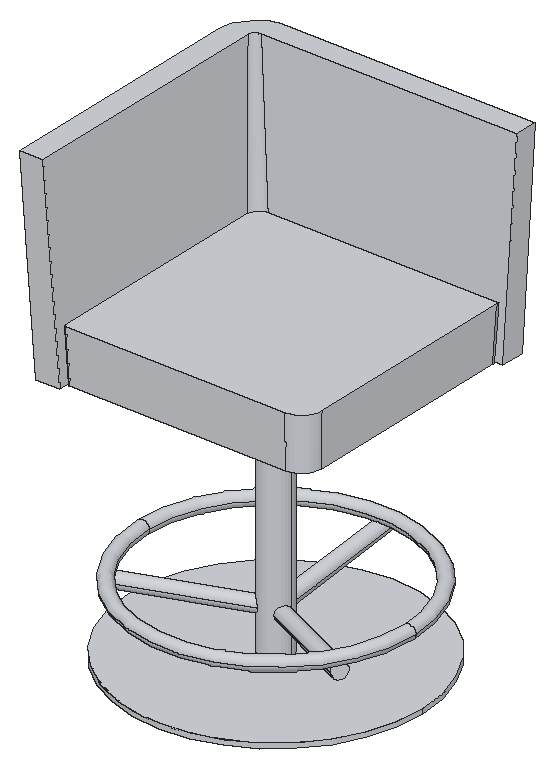
Revit family "Keilhauer_Pact_Stools_77010", category Furniture, Revit 2017
Family settings
  OmniClass Number = 23.40.70.14.64.11
  OmniClass Title = Office Furniture
  Work Plane-Based = No
  Always vertical = Yes
  Cut with Voids When Loaded = No
  Shared = No
  Room Calculation Point = No
Parameters (values of type "Counter stool")
  Type = 1
  Length 2 = if(Type = 2, 25.674", 20.674")  # 20.674"
  Length 1 = if(Type = 2, 10.387", 5.427")  # 5.427"
  Foot Ring [instance] = none
  Seat [instance] = none
  Glides [instance] = none
  Column [instance] = none
  Base [instance] = none
  URL = "http://www.keilhauer.com/"
  Product Documentation Link = "http://www.keilhauer.com/"
  Model = "77010"
  Manufacturer = "Keilhauer, Corp."  # constant formula
  Description = "Counter stool with a flat base"
  Copyright © = "© 2021 Keilhauer, Corp."  # constant formula
  Catalog = "Pact"  # constant formula
  Back [instance] = none
  Authoring Version = "Autodesk Revit 2015"  # constant formula
  Assembly Code = "E2020200"
Types (2): name | Type | Length 2 | Length 1 | Model | Description
  Bar stool | 2 | 25.674" | 10.387" | "77020" | "Bar stool with a flat base"
  Counter stool | 1 | 20.674" | 5.427" | "77010" | "Counter stool with a flat base"
Reference planes (in)
  plane 1 "Center (Front/Back)": y = 0
  plane 2: z = 0
  plane 3 "Center (Left/Right)": x = 0
  plane 4 "Foot rest": z = 5.427
  plane 5 "Base seat": z = 20.674
Forms (in)
  Extrusion 1, solid, material <- "Glides"
    sketch origin (0, 0, 0) x (1, 0, 0) y (0, 1, 0)
      loop
        arc (-6.30747, 4.41669) -> (0, 7.69556) -> (6.30747, 4.41669) r 7.70618
        line (6.30747, 4.41669) -> (8.19152, 5.73591)
        arc (8.19152, 5.73591) -> (0, 9.99489) -> (-8.19152, 5.73591) r 10.00709
        line (-8.19152, 5.73591) -> (-6.30747, 4.41669)
      loop
        arc (-9.06308, 4.22634) -> (-8.6637, -5.00183) -> (-0.87156, -9.96179) r 9.99465
        line (-0.87156, -9.96179) -> (-0.6711, -7.67054)
        arc (-0.6711, -7.67054) -> (-6.6693, -3.85036) -> (-6.97857, 3.25432) r 7.6986
        line (-6.97857, 3.25432) -> (-9.06308, 4.22634)
      loop
        arc (6.97857, 3.25431) -> (6.67871, -3.85581) -> (0.6711, -7.67055) r 7.68406
        line (0.6711, -7.67055) -> (0.87155, -9.9618)
        arc (0.87155, -9.9618) -> (8.65202, -4.9951) -> (9.06307, 4.22633) r 10.01282
        line (9.06307, 4.22633) -> (6.97857, 3.25431)
    from 0 to 0.25
  Extrusion 2, solid, material <- "Base"
    sketch origin (-10.25149, -60, 0.25) x (-1, 0, 0) y (0, -1, 0)
      loop
        circle (-10.25346, -60) r 11
    from 0 to 0.37495
  Extrusion 3, solid, material <- "Column"
    sketch origin (0, 0, 0) x (1, 0, 0) y (0, 1, 0)
      loop
        circle (0, 0) r 1.19027
    from 0.62495 to 20.674
  Extrusion 4, solid, material <- "Column"
    sketch origin (0, 0, 20.674) x (-1, 0, 0) y (0, -1, 0)
      loop
        line (3.75, -3.25) -> (3.75, 3.25)
        arc (3.75, 3.25) -> (3.60355, 3.60355) -> (3.25, 3.75) r 0.5
        line (3.25, 3.75) -> (-3.25, 3.75)
        arc (-3.25, 3.75) -> (-3.60355, 3.60355) -> (-3.75, 3.25) r 0.5
        line (-3.75, 3.25) -> (-3.75, -3.25)
        arc (-3.75, -3.25) -> (-3.60355, -3.60355) -> (-3.25, -3.75) r 0.5
        line (-3.25, -3.75) -> (3.25, -3.75)
        arc (3.25, -3.75) -> (3.60355, -3.60355) -> (3.75, -3.25) r 0.5
    from -0.25021 to 0
  Blend 5, solid, material <- "Seat"
    base sketch origin (0, 0, 20.674) x (-1, 0, 0) y (0, -1, 0)
      loop
        arc (7.17779, 10.37909) -> (7.10456, 10.55586) -> (6.92779, 10.62909) r 0.25
        line (6.92779, 10.62909) -> (-9.22766, 10.62909)
        arc (-9.22766, 10.62909) -> (-10.30708, 10.18198) -> (-10.75419, 9.10255) r 1.52653
        line (-10.75419, 9.10255) -> (-10.75419, -6.92135)
        arc (-10.75419, -6.92135) -> (-10.68097, -7.09812) -> (-10.50419, -7.17135) r 0.25
        line (-10.50419, -7.17135) -> (6.08339, -7.17135)
        arc (6.08339, -7.17135) -> (6.85725, -6.8508) -> (7.17779, -6.07695) r 1.0944
        line (7.17779, -6.07695) -> (7.17779, 10.37909)
    top sketch origin (0, 0, 20.674) x (-1, 0, 0) y (0, -1, 0)
      loop
        line (7.23126, 10.62724) -> (-9.20835, 10.62724)
        arc (-9.20835, 10.62724) -> (-10.3015, 10.17444) -> (-10.7543, 9.08129) r 1.54595
        line (-10.7543, 9.08129) -> (-10.7543, -7.33843)
        arc (-10.7543, -7.33843) -> (-10.67102, -7.53948) -> (-10.46997, -7.62276) r 0.28433
        line (-10.46997, -7.62276) -> (6.05104, -7.62276)
        arc (6.05104, -7.62276) -> (7.06236, -7.20386) -> (7.48126, -6.19254) r 1.43022
        line (7.48126, -6.19254) -> (7.48126, 10.37724)
        arc (7.48126, 10.37724) -> (7.40804, 10.55402) -> (7.23126, 10.62724) r 0.25
    from 0 to 3.8596
  Blend 6, solid, material <- "Back"
    base sketch origin (0, 0, 20.674) x (-1, 0, 0) y (0, -1, 0)
      loop
        line (-11.32221, -8.92135) -> (6.39666, -8.92135)
        arc (6.39666, -8.92135) -> (8.18644, -8.17999) -> (8.92779, -6.39022) r 2.53113
        line (8.92779, -6.39022) -> (8.92779, 11.32865) -> (7.17779, 11.32865) -> (7.17779, -6.18045)
        arc (7.17779, -6.18045) -> (6.88756, -6.88112) -> (6.18689, -7.17135) r 0.9909
        line (6.18689, -7.17135) -> (-11.32221, -7.17135) -> (-11.32221, -8.92135)
    top sketch origin (0, 0, 20.674) x (-1, 0, 0) y (0, -1, 0)
      loop
        line (-11.32221, -10.14412) -> (7.32084, -10.14412)
        arc (7.32084, -10.14412) -> (9.31518, -9.31804) -> (10.14126, -7.3237) r 2.82042
        line (10.14126, -7.3237) -> (10.14126, 11.32865) -> (8.41626, 11.32865) -> (8.41626, -7.85845)
        arc (8.41626, -7.85845) -> (8.25204, -8.2549) -> (7.85559, -8.41912) r 0.56067
        line (7.85559, -8.41912) -> (-11.32221, -8.41912) -> (-11.32221, -10.14412)
    from -0.0006 to 14.98496
Lines and regions (in)
  Masking region 1
    outline origin (0, 0, 0) x (1, 0, 0) y (0, 1, 0)
      loop
        arc (-6.49556, 10.2941) -> (-7.43993, 10.24758) -> (-8.37516, 10.10848) r 9.60913
        arc (-8.37516, 10.10848) -> (-9.50591, 9.50383) -> (-10.11056, 8.37307) r 2.20987
        arc (-10.11056, 8.37307) -> (-10.24953, 7.43783) -> (-10.29601, 6.49347) r 9.61817
        line (-10.29601, 6.49347) -> (-10.29601, 3.87144)
        arc (-10.29601, 3.87144) -> (-11.04377, -0.00021) -> (-10.29601, -3.87187) r 10.39697
        line (-10.29601, -3.87187) -> (-10.29601, -9.48696)
        arc (-10.29601, -9.48696) -> (-10.25378, -10.4417) -> (-10.12741, -11.38899) r 10.81296
        line (-10.12741, -11.38899) -> (-7.25137, -11.38899) -> (-7.19011, -10.69742) -> (-2.56261, -10.69742)
        arc (-2.56261, -10.69742) -> (0, -11.00008) -> (2.56261, -10.69742) r 11
        line (2.56261, -10.69742) -> (9.35433, -10.69742)
        arc (9.35433, -10.69742) -> (10.3061, -10.30319) -> (10.70033, -9.35142) r 1.346
        line (10.70033, -9.35142) -> (10.70033, -2.55016)
        arc (10.70033, -2.55016) -> (11.00591, -0.00008) -> (10.70033, 2.54999) r 10.79321
        line (10.70033, 2.54999) -> (10.70033, 7.18157)
        arc (10.70033, 7.18157) -> (11.04541, 7.19723) -> (11.3869, 7.24929) r 3.26208
        line (11.3869, 7.24929) -> (11.3869, 10.14553)
        arc (11.3869, 10.14553) -> (10.43878, 10.2569) -> (9.48487, 10.2941) r 12.24938
        line (9.48487, 10.2941) -> (3.87718, 10.2941)
        arc (3.87718, 10.2941) -> (0.00013, 10.99992) -> (-3.87692, 10.2941) r 11.0012
        line (-3.87692, 10.2941) -> (-6.49556, 10.2941)
  symbolic lines, style "Keilhauer 2D", detail levels medium+fine
    curve 1: line (-8.5011, 8.49901, 5.427) -> (-8.5011, -11.38899, 5.427)
    curve 2: line (-8.5011, 8.49901, 5.427) -> (11.3869, 8.49901, 5.427)
    curve 3: arc (-7.11664, -8.23262, 5.427) -> (-6.93315, -1.48262, 5.427) -> (-7.11664, 5.26738, 5.427) r 124.24597
    curve 4: arc (-7.11664, 5.26738, 5.427) -> (-7.2338, 6.37322, 5.427) -> (-7.46338, 7.4613, 5.427) r 10.8648
    curve 5: arc (-7.50305, -11.38899, 5.427) -> (-7.25659, -9.81733, 5.427) -> (-7.11664, -8.23262, 5.427) r 23.586
    curve 6: line (-7.46338, 7.4613, 5.427) -> (-8.5011, 8.49901, 5.427)
    curve 7: arc (8.23053, 7.11455, 5.427) -> (1.48053, 6.93106, 5.427) -> (-5.26947, 7.11455, 5.427) r 124.24597
    curve 8: arc (-5.26947, 7.11455, 5.427) -> (-6.37531, 7.23171, 5.427) -> (-7.46338, 7.4613, 5.427) r 10.8648
    curve 9: arc (11.3869, 7.50097, 5.427) -> (9.81524, 7.25451, 5.427) -> (8.23053, 7.11455, 5.427) r 23.586
    curve 10: line (-3.87692, 10.2941, 5.427) -> (3.87718, 10.2941, 5.427)
    curve 11: line (-10.29601, 3.87144, 5.427) -> (-10.29601, -3.87187, 5.427)
    curve 12: line (-2.56261, -10.69742, 5.427) -> (2.56261, -10.69742, 5.427)
    curve 13: line (10.70033, 2.54999, 5.427) -> (10.70033, -2.55016, 5.427)
Dimensions and locks (in)
  "Length 1": plane 4 "Foot rest" to level
  "Length 2": plane 5 "Base seat" to level
  aligned and locked: nested 1 to plane 3 "Center (Left/Right)"
  aligned and locked: plane 1 "Center (Front/Back)" to nested 1
  aligned and locked: Extrusion 1 to plane 2
  aligned and locked: plane 5 "Base seat" to Extrusion 4
  aligned and locked: Extrusion 4 to Extrusion 3
  aligned and locked: nested 2 to plane 3 "Center (Left/Right)"
  aligned and locked: plane 1 "Center (Front/Back)" to nested 2
  aligned and locked: plane 4 "Foot rest" to nested 2
Automatic sketch dimensions
  plane 3 "Center (Left/Right)" to Masking region 1 sketch curve = 10.29601"  (x2)
  Masking region 1 sketch curve to plane 1 "Center (Front/Back)" = 6.49347"
  Masking region 1 sketch curve to Masking region 1 sketch curve = 0.1686"
  Masking region 1 sketch curve to Masking region 1 sketch curve = 2.35271"
  Masking region 1 sketch curve to Masking region 1 sketch curve = 2.87603"
  Masking region 1 sketch curve to Masking region 1 sketch curve = 0.06127"
  Masking region 1 sketch curve to plane 1 "Center (Front/Back)" = 0.68497"
  Masking region 1 sketch curve to Masking region 1 sketch curve = 3.80045"
  Masking region 1 sketch curve to Masking region 1 sketch curve = 2.61864"
  plane 3 "Center (Left/Right)" to Masking region 1 sketch curve = 2.56261"
  plane 3 "Center (Left/Right)" to Masking region 1 sketch curve = 0.67784"
  plane 1 "Center (Front/Back)" to Masking region 1 sketch curve = 0.00021"
  plane 3 "Center (Left/Right)" to Masking region 1 sketch curve = 0.6468"
  Masking region 1 sketch curve to plane 3 "Center (Left/Right)" = 0.000"
  Masking region 1 sketch curve to plane 3 "Center (Left/Right)" = 0.00013"
  plane 1 "Center (Front/Back)" to Masking region 1 sketch curve = 0.00008"  (x2)
  Masking region 1 sketch curve to Masking region 1 sketch curve = 0.21256"
  Masking region 1 sketch curve to plane 3 "Center (Left/Right)" = 0.51695"
  Masking region 1 sketch curve to Masking region 1 sketch curve = 2.04566"
  Masking region 1 sketch curve to plane 3 "Center (Left/Right)" = 3.87718"
  Masking region 1 sketch curve to Masking region 1 sketch curve = 6.79172"
  Masking region 1 sketch curve to Masking region 1 sketch curve = 5.60769"
  Masking region 1 sketch curve to Masking region 1 sketch curve = 1.21546"
  Masking region 1 sketch curve to Masking region 1 sketch curve = 1.346"
  Masking region 1 sketch curve to Masking region 1 sketch curve = 1.24036"
  Masking region 1 sketch curve to Masking region 1 sketch curve = 0.66168"
  plane 1 "Center (Front/Back)" to Masking region 1 sketch curve = 0.00129"
  plane 1 "Center (Front/Back)" to Masking region 1 sketch curve = 1.95528"
  Masking region 1 sketch curve to Masking region 1 sketch curve = 0.59488"
  plane 1 "Center (Front/Back)" to Masking region 1 sketch curve = 3.87187"
  Masking region 1 sketch curve to Masking region 1 sketch curve = 6.80126"
  Masking region 1 sketch curve to Masking region 1 sketch curve = 1.21046"
  Masking region 1 sketch curve to Masking region 1 sketch curve = 4.63158"
  Masking region 1 sketch curve to Masking region 1 sketch curve = 0.06772"
  Masking region 1 sketch curve to Masking region 1 sketch curve = 1.44774"
  Masking region 1 sketch curve to Masking region 1 sketch curve = 0.29803"
  Masking region 1 sketch curve to Masking region 1 sketch curve = 0.000"
  Extrusion 1 sketch curve to plane 1 "Center (Front/Back)" = 4.22634"
  plane 3 "Center (Left/Right)" to Extrusion 1 sketch curve = 9.06308"
  Extrusion 1 sketch curve to Extrusion 1 sketch curve = 0.87156"
  Extrusion 1 sketch curve to plane 1 "Center (Front/Back)" = 3.25432"
  Extrusion 1 sketch curve to Extrusion 1 sketch curve = 2.08451"
  Extrusion 1 sketch curve to Extrusion 1 sketch curve = 0.6711"
  plane 3 "Center (Left/Right)" to Extrusion 1 sketch curve = 0.87156"
  plane 3 "Center (Left/Right)" to Extrusion 1 sketch curve = 0.6711"
  plane 3 "Center (Left/Right)" to Extrusion 1 sketch curve = 0.01933"
  plane 3 "Center (Left/Right)" to Extrusion 1 sketch curve = 0.00808"
  plane 3 "Center (Left/Right)" to Extrusion 1 sketch curve = 0.00211"
  Extrusion 1 sketch curve to plane 3 "Center (Left/Right)" = 0.000"  (x2)
  Extrusion 1 sketch curve to plane 3 "Center (Left/Right)" = 0.02412"
  Extrusion 1 sketch curve to plane 3 "Center (Left/Right)" = 0.6711"
  Extrusion 1 sketch curve to plane 3 "Center (Left/Right)" = 0.87155"
  Extrusion 1 sketch curve to plane 1 "Center (Front/Back)" = 4.41669"
  Extrusion 1 sketch curve to plane 3 "Center (Left/Right)" = 6.30747"
  Extrusion 1 sketch curve to plane 1 "Center (Front/Back)" = 3.25431"
  Extrusion 1 sketch curve to Extrusion 1 sketch curve = 0.67109"
  Extrusion 1 sketch curve to plane 1 "Center (Front/Back)" = 5.73591"
  Extrusion 1 sketch curve to Extrusion 1 sketch curve = 1.88405"
  Extrusion 1 sketch curve to plane 1 "Center (Front/Back)" = 4.22633"
  Extrusion 1 sketch curve to Extrusion 1 sketch curve = 0.87155"
  Extrusion 1 sketch curve to plane 1 "Center (Front/Back)" = 0.01131"
  plane 1 "Center (Front/Back)" to Extrusion 1 sketch curve = 0.00106"
  plane 1 "Center (Front/Back)" to Extrusion 1 sketch curve = 0.00451"
  Extrusion 1 sketch curve to Extrusion 1 sketch curve = 0.00956"
  Extrusion 1 sketch curve to Extrusion 1 sketch curve = 0.00158"
  plane 1 "Center (Front/Back)" to Extrusion 1 sketch curve = 0.01378"
  plane 1 "Center (Front/Back)" to Extrusion 2 sketch curve = 0.000"
  Extrusion 2 sketch curve to plane 3 "Center (Left/Right)" = 0.00197"
  plane 1 "Center (Front/Back)" to Extrusion 3 sketch curve = 0.000"
  Extrusion 3 sketch curve to plane 3 "Center (Left/Right)" = 0.000"
  Extrusion 4 sketch curve to plane 3 "Center (Left/Right)" = 3.750"
  Extrusion 4 sketch curve to Extrusion 4 sketch curve = 0.500"  (x3)
  plane 3 "Center (Left/Right)" to Extrusion 4 sketch curve = 3.250"  (x2)
  Extrusion 4 sketch curve to plane 1 "Center (Front/Back)" = 3.750"
  plane 1 "Center (Front/Back)" to Extrusion 4 sketch curve = 3.250"
  Blend 5 sketch curve to plane 3 "Center (Left/Right)" = 10.75419"
  Blend 5 sketch curve to Blend 5 sketch curve = 0.250"  (x2)
  Blend 5 sketch curve to Blend 5 sketch curve = 1.52653"
  plane 3 "Center (Left/Right)" to Blend 5 sketch curve = 6.08339"
  plane 3 "Center (Left/Right)" to Blend 5 sketch curve = 6.92779"
  Blend 5 sketch curve to Blend 5 sketch curve = 1.0944"
  Blend 5 sketch curve to plane 1 "Center (Front/Back)" = 7.17135"
  plane 1 "Center (Front/Back)" to Blend 5 sketch curve = 9.10255"
  Blend 5 sketch curve to plane 3 "Center (Left/Right)" = 10.7543"
  Blend 5 sketch curve to Blend 5 sketch curve = 0.28433"
  Blend 5 sketch curve to Blend 5 sketch curve = 1.54595"
  plane 3 "Center (Left/Right)" to Blend 5 sketch curve = 6.05104"
  plane 3 "Center (Left/Right)" to Blend 5 sketch curve = 7.23126"
  Blend 5 sketch curve to plane 1 "Center (Front/Back)" = 7.62276"
  plane 1 "Center (Front/Back)" to Blend 5 sketch curve = 9.08129"
  Blend 6 sketch curve to plane 1 "Center (Front/Back)" = 7.17135"
  Blend 6 sketch curve to plane 3 "Center (Left/Right)" = 11.32221"  (x2)
  plane 3 "Center (Left/Right)" to Blend 6 sketch curve = 6.18689"
  Blend 6 sketch curve to Blend 6 sketch curve = 0.20977"
  plane 3 "Center (Left/Right)" to Blend 6 sketch curve = 7.17779"
  Blend 6 sketch curve to Blend 6 sketch curve = 1.750"  (x2)
  plane 1 "Center (Front/Back)" to Blend 6 sketch curve = 11.32865"  (x2)
  plane 3 "Center (Left/Right)" to Blend 6 sketch curve = 7.32084"
  Blend 6 sketch curve to Blend 6 sketch curve = 0.53475"
  plane 3 "Center (Left/Right)" to Blend 6 sketch curve = 8.41626"
  Blend 6 sketch curve to Blend 6 sketch curve = 1.725"  (x2)
  Blend 6 sketch curve to plane 1 "Center (Front/Back)" = 10.14412"
  plane 1 "Center (Front/Back)" to curve 5 = 6.95125"
  plane 1 "Center (Front/Back)" to curve 3 = 1.48262"
  curve 4 to plane 1 "Center (Front/Back)" = 4.67712"
  curve 6 to plane 1 "Center (Front/Back)" = 7.4613"
  curve 8 to curve 1 = 1.03771"
  plane 3 "Center (Left/Right)" to curve 8 = 4.67921"
  curve 6 to curve 8 = 9.4643"
  curve 9 to plane 3 "Center (Left/Right)" = 6.94916"
  curve 8 to curve 9 = 12.70242"
  curve 7 to plane 3 "Center (Left/Right)" = 1.48053"
  curve 9 to curve 7 = 100.51131"
  plane 3 "Center (Left/Right)" to curve 6 = 7.46338"
  curve 8 to curve 2 = 1.03771"
  curve 1 to curve 4 = 9.4643"
  curve 4 to curve 5 = 12.70242"
  curve 5 to curve 3 = 100.51131"
  plane 3 "Center (Left/Right)" to curve 5 = 7.11664"
  curve 3 to curve 5 = 0.000"
  plane 3 "Center (Left/Right)" to curve 12 = 2.56261"
  curve 12 to curve 3 = 2.4648"
  curve 5 to curve 3 = 3.15637"
  curve 1 to curve 5 = 0.000"
  plane 1 "Center (Front/Back)" to curve 11 = 3.87187"
  plane 1 "Center (Front/Back)" to curve 13 = 2.55016"
  curve 13 to plane 1 "Center (Front/Back)" = 2.54999"
  curve 11 to curve 3 = 1.39594"
  curve 9 to curve 2 = 1.38445"
  curve 7 to curve 9 = 0.000"
  curve 9 to curve 2 = 0.99804"
  curve 8 to curve 10 = 3.17954"
  curve 13 to curve 9 = 2.4698"
  curve 2 to curve 9 = 0.000"
  curve 10 to plane 3 "Center (Left/Right)" = 3.87718"
  curve 12 to plane 3 "Center (Left/Right)" = 2.56261"
  curve 10 to curve 8 = 1.39255"
  curve 3 to curve 11 = 3.17937"
  radius of Extrusion 2 sketch curve = 11.000"
  radius of Extrusion 3 sketch curve = 1.19027"
Nested families (in)
  nested 1: "Furniture_Tag" at (0, 0, 0), type "Center", detail levels fine
    with Offset (LR) 0.000"
  nested 2: "Keilhauer_Pact_Stools_Footrest" at (0, 0, 5.427), Footring <- "Foot Ring", type "Keilhauer_Pact_Stools_Footrest"
    with Footring none
Definition of nested family "Keilhauer_Pact_Stools_Footrest"
  Parameters (values of type "Keilhauer_Pact_Stools_Footrest")
    Footring [instance] = none
    URL = "http://www.keilhauer.com/"
    Product Documentation Link = "http://www.keilhauer.com/"
    Model = "Type Catalog"
    Manufacturer = "Keilhauer, Corp."  # constant formula
    Description = "Type Catalog"
    Copyright © = "© 2021 Keilhauer, Corp."  # constant formula
    Catalog = "Pact"  # constant formula
    Authoring Version = "Autodesk Revit 2015"  # constant formula
    Assembly Code = "E2020200"
  Reference planes (in)
    plane 1 "Center (Front/Back)": y = 0
    plane 2: z = 0
    plane 3 "Center (Left/Right)": x = 0
    plane 4 "Foot rest": z = 0
  Forms (in)
    Sweep 1, solid, material <- "Footring"
      path origin (0, 0, 0) x (0, 1, 0) y (-1, 0, 0)
        loop
          circle (0, -0.00197) r 10
      profile origin (0.00197, 10, 0) x (0, -1, 0) y (0, 0, 1)
        loop
          circle (0, 0) r 0.5
    Sweep 2, solid, material <- "Footring"
      path origin (0, 0, -5.4895) x (0, -1, 0) y (0, 0, 1)
        loop
          line (-10.2836, 4.75755) -> (0, 3.6767)
      profile origin (0, 5.1418, -1.27238) x (0, -0.104528, 0.994522) y (-1, 0, 0)
        loop
          circle (0, 0) r 0.57
    Sweep 3, solid, material <- "Footring"
      path origin (0, 0, -5.4895) x (-0.866032, 0.499989, 0) y (0, 0, 1)
        loop
          line (-10.2836, 4.75755) -> (0, 3.6767)
      profile origin (4.45296, -2.57084, -1.27238) x (-0.090525, 0.052263, 0.994522) y (0.499989, 0.866032, 0)
        loop
          circle (0, 0) r 0.57
    Sweep 4, solid, material <- "Footring"
      path origin (0, 0, -5.4895) x (0.866032, 0.499989, 0) y (0, 0, -1)
        loop
          line (-10.2836, -4.75755) -> (0, -3.6767)
      profile origin (-4.45296, -2.57084, -1.27238) x (-0.090525, -0.052263, -0.994522) y (-0.499989, 0.866032, 0)
        loop
          circle (0, 0) r 0.57
  Dimensions and locks (in)
    locked: plane 4 "Foot rest" to Sweep 4 sketch curve at 0.73196
    locked: plane 4 "Foot rest" to Sweep 4 sketch curve at 1.81281
    locked: Sweep 4 sketch curve to plane 3 "Center (Left/Right)" at 8.90593
    aligned and locked: plane 3 "Center (Left/Right)" to Sweep 4 sketch curve
Definition of nested family "Furniture_Tag"
  Parameters
    P_Width = 0.000"
    Text_Width = "Empty"
    Text_Height = "Empty"
    Text_Diameter = "Empty"
    Text_Depth = "Empty"
    Offset (LR) [instance] = 0.000"
    Model Name = "Type Catalog"
    P_Height = 0.000"
    Distance of Center (not Change) = 0.000"
    P_Diameter = 0.000"
    P_Depth = 0.000"
  Reference planes (in)
    plane 1: y = 0
    plane 2: x = 0
  Lines and regions (in)
    reference lines
      curve 1: line (-0.44359, 0, 0) -> (0.41085, 0, 0)
      curve 3: line (0, 0.32564, 0) -> (0, -0.40221, 0)
    reference lines, not visible
      curve 2: line (-0.44359, 0.09843, 0) -> (0.41085, 0.09843, 0)
      curve 4: line (0, 0.42407, 0) -> (0, -0.30379, 0)
  Text (in)
    label "Empty" at (0.00197, -0.0079, 0), shows "Model Name"
    label "Empty" at (0.00197, 0.09052, 0), shows "Model Name", not visible
  Dimensions and locks (in)
    "Distance of Center (not Change)": plane 1 to curve 1
    "Offset (LR)": curve 3 to plane 2
  Automatic sketch dimensions
    curve 1 to curve 3 = 0.44359"
    curve 3 to curve 1 = 0.41085"
    curve 3 to curve 1 = 0.40221"
    curve 1 to curve 3 = 0.32564"
    curve 2 to curve 4 = 0.44359"
    curve 4 to curve 2 = 0.41085"
    curve 4 to curve 2 = 0.40221"
    curve 2 to curve 4 = 0.32564"
